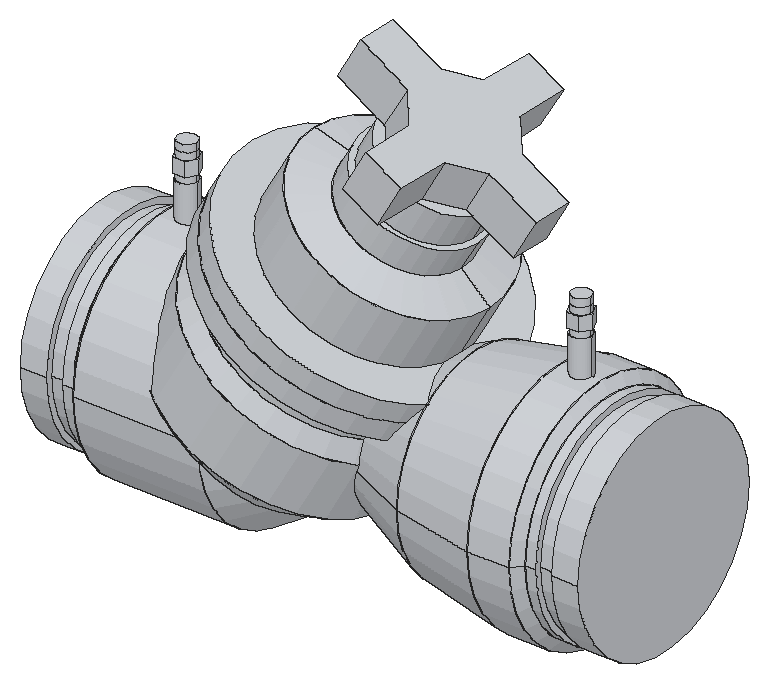
Revit family "447_d-DN300-RFA_2018", category Pipe Accessories, Revit 2018
Family settings
  Round Connector Dimension = Use Diameter
  Part Type = Valve - Breaks Into
  Work Plane-Based = No
  Always vertical = Yes
  Cut with Voids When Loaded = No
  Shared = No
Parameters (values of type "447_d-DN300")
  magiProductId = "0a2a34dba99a430aa7daf784d6b0c1"
  magiProductFamilyId = "eab8c084d85f47fc9aed3208e9defb"
  magiPartTypeId = 304
  isMeasuringValve [instance] = no
  ang2D [instance] = 0.00°
  W3 = 31.658 mm
  W2D = 100 mm
  W2 = 71.601 mm
  W1 = 30.372 mm
  VersionID = "2.0/2018.4.11.4/ZETKAMA_447_GROOVED_001"
  Use Minimum Symbol Size [instance] = yes
  URL = "www.hydronix.cz"
  Type Comments = "drážkový spoj; PN16; -10~+120°C;"
  R9 = 210.6 mm
  R8 = 89.1 mm
  R7 = 97.2 mm
  R6 = 194.4 mm
  R5 = 155 mm
  R4 = 89.1 mm
  R3 = 178.2 mm
  R2 = 153.9 mm
  R13 = 18.231 mm
  R12 = 14.268 mm
  R11 = 15.853 mm
  R1 = 162 mm
  R = 150 mm
  QmdConnectorList = "301;D;302;D"
  Productdata [instance] = ""
  Model = ""
  Manufacturer = "Hydronix"
  Maintenance Zone Under Depth [instance] = 162 mm
  Maintenance Zone Right Depth [instance] = 850 mm
  Maintenance Zone Over Depth [instance] = 535 mm
  Maintenance Zone Left Depth [instance] = 850 mm
  Maintenance Zone Front Depth [instance] = 310 mm
  Maintenance Zone Back Depth [instance] = 310 mm
  Maintenance Zone Front Visibility [instance] = no
  MC Product Code = "447 300 d (DN300; PN16 kvs1504,1)"
  MC Piping Given Pressure Drop [instance] = 0.0 Pa
  L9 = 126.825 mm
  L8__ve = -L8  # -63.413 mm
  L8 = 63.413 mm
  L6 = 190.238 mm
  L5 = 12.143 mm
  L4__ve = -L4  # -16.19 mm
  L4 = 16.19 mm
  L3__ve = -L3  # -24.286 mm
  L3 = 24.286 mm
  L2__ve = -L2  # -40.476 mm
  L2D_Min = 3048 mm
  L2D = 350 mm
  L2 = 40.476 mm
  L13 = 31.706 mm
  L12 = 30.372 mm
  L11 = 31.658 mm
  L10 = 71.601 mm
  L1 = 425 mm
  KZ = 70.833 mm
  KL = 122.687 mm
  H9 = 14.087 mm
  H8 = 91.568 mm
  H7 = 35.218 mm
  H6 = 42.262 mm
  H5 = 28.175 mm
  H4 = 105.655 mm
  H17 = 21.4 mm
  H16 = 10.7 mm
  H15 = 231.7 mm
  H14 = 70.437 mm
  H13 = 52.828 mm
  H11 = 56.349 mm
  H10 = 49.306 mm
  Description = "Ruční vyvažovací ventil s drážkovým spojem"
  D = 300 mm
  CenSd_R13_6 = R13 * cos(30.00°)  # 15.789 mm
  Clearance Zone Height Depth [instance] = 535 mm
  Clearance Zone Circular Radius [instance] = 425 mm
  Clearance Zone Visibility [instance] = no
Types (10, lengths in mm): name | magiProductId | W3 | W2 | W1 | R9 | R8 | R7 | R6 | R5 | R4 | R3 | R2 | R13 | R12 | R11 | R1 | R | Maintenance Zone Under Depth | Maintenance Zone Right Depth | Maintenance Zone Over Depth | Maintenance Zone Left Depth | Maintenance Zone Front Depth | Maintenance Zone Back Depth | MC Product Code | L9 | L8__ve | L8 | L6 | L5 | L4__ve | L4 | L3__ve | L3 | L2__ve | L2 | L13 | L12 | L11 | L10 | L1 | KZ | KL | H9 | H8 | H7 | H6 | H5 | H4 | H17 | H16 | H15 | H14 | H13 | H11 | H10 | D | CenSd_R13_6 | Clearance Zone Height Depth | Clearance Zone Circular Radius
  447_d-DN100 | "e5a6bfdd9ca54003a0551f5d760c3c" | 14.437 | 30.026 | 12.736 | 74.1 | 31.35 | 34.2 | 68.4 | 65 | 31.35 | 62.7 | 54.15 | 7.507 | 5.875 | 6.528 | 57 | 50 | 57 | 350 | 240 | 350 | 130 | 130 | "447 100 d (DN100; PN16 kvs180,5)" | 52.222 | -26.111 | 26.111 | 78.333 | 5 | -6.667 | 6.667 | -10 | 10 | -16.667 | 16.667 | 13.056 | 12.736 | 14.437 | 30.026 | 175 | 29.167 | 50.518 | 6.389 | 41.531 | 15.973 | 19.168 | 12.779 | 47.92 | 9.6 | 4.8 | 86.7 | 31.947 | 23.96 | 25.557 | 22.363 | 100 | 6.501 | 240 | 175
  447_d-DN125 | "5795ec580370482d8c46e49d975863" | 14.437 | 30.026 | 12.736 | 91.65 | 38.775 | 42.3 | 84.6 | 65 | 38.775 | 77.55 | 66.975 | 8.579 | 6.714 | 7.46 | 70.5 | 62.5 | 71 | 400 | 260 | 400 | 130 | 130 | "447 125 d (DN125; PN16 kvs280,0)" | 59.683 | -29.841 | 29.841 | 89.524 | 5.714 | -7.619 | 7.619 | -11.429 | 11.429 | -19.048 | 19.048 | 14.921 | 12.736 | 14.437 | 30.026 | 200 | 33.333 | 57.735 | 7.005 | 45.534 | 17.513 | 21.016 | 14.01 | 52.539 | 10.4 | 5.2 | 103.55 | 35.026 | 26.269 | 28.021 | 24.518 | 125 | 7.43 | 260 | 200
  447_d-DN150 | "9b6b5ad10a674c51b522359e7e2d39" | 14.437 | 30.026 | 12.736 | 109.2 | 46.2 | 50.4 | 100.8 | 65 | 46.2 | 92.4 | 79.8 | 10.295 | 8.057 | 8.952 | 84 | 75 | 84 | 480 | 285 | 480 | 130 | 130 | "447 150 d (DN150; PN16 kvs383,4)" | 71.619 | -35.81 | 35.81 | 107.429 | 6.857 | -9.143 | 9.143 | -13.714 | 13.714 | -22.857 | 22.857 | 17.905 | 12.736 | 14.437 | 30.026 | 240 | 40 | 69.282 | 7.775 | 50.537 | 19.437 | 23.325 | 15.55 | 58.312 | 11.4 | 5.7 | 120.9 | 38.875 | 29.156 | 31.1 | 27.212 | 150 | 8.916 | 285 | 240
  447_d-DN200 | "f5a67fe5c2444fc986ed7f87b9a4ed" | 31.658 | 71.601 | 30.372 | 142.35 | 60.225 | 65.7 | 131.4 | 155 | 60.225 | 120.45 | 104.025 | 12.869 | 10.071 | 11.19 | 109.5 | 100 | 110 | 600 | 480 | 600 | 310 | 310 | "447 200 d (DN200; PN16 kvs710,0)" | 89.524 | -44.762 | 44.762 | 134.286 | 8.571 | -11.429 | 11.429 | -17.143 | 17.143 | -28.571 | 28.571 | 22.381 | 30.372 | 31.658 | 71.601 | 300 | 50 | 86.603 | 12.394 | 80.56 | 30.984 | 37.181 | 24.788 | 92.953 | 19.2 | 9.6 | 168.45 | 61.969 | 46.477 | 49.575 | 43.378 | 200 | 11.145 | 480 | 300
  447_d-DN250 | "7d63ae0d28f64990bc8ce3477101ef" | 31.658 | 71.601 | 30.372 | 177.45 | 75.075 | 81.9 | 163.8 | 155 | 75.075 | 150.15 | 129.675 | 15.657 | 12.254 | 13.615 | 136.5 | 125 | 137 | 730 | 525 | 730 | 310 | 310 | "447 250 d (DN250; PN16 kvs1187,5)" | 108.921 | -54.46 | 54.46 | 163.381 | 10.429 | -13.905 | 13.905 | -20.857 | 20.857 | -34.762 | 34.762 | 27.23 | 30.372 | 31.658 | 71.601 | 365 | 60.833 | 105.366 | 13.779 | 89.566 | 34.449 | 41.338 | 27.559 | 103.346 | 21 | 10.5 | 202.65 | 68.897 | 51.673 | 55.118 | 48.228 | 250 | 13.56 | 525 | 365
  447_d-DN300 | "0a2a34dba99a430aa7daf784d6b0c1" | 31.658 | 71.601 | 30.372 | 210.6 | 89.1 | 97.2 | 194.4 | 155 | 89.1 | 178.2 | 153.9 | 18.231 | 14.268 | 15.853 | 162 | 150 | 162 | 850 | 535 | 850 | 310 | 310 | "447 300 d (DN300; PN16 kvs1504,1)" | 126.825 | -63.413 | 63.413 | 190.238 | 12.143 | -16.19 | 16.19 | -24.286 | 24.286 | -40.476 | 40.476 | 31.706 | 30.372 | 31.658 | 71.601 | 425 | 70.833 | 122.687 | 14.087 | 91.568 | 35.218 | 42.262 | 28.175 | 105.655 | 21.4 | 10.7 | 231.7 | 70.437 | 52.828 | 56.349 | 49.306 | 300 | 15.789 | 535 | 425
  447_d-DN040 | "6dc4a6b5eb924103b02307904d600f" | 9.08 | 17.092 | 7.25 | 31.2 | 13.2 | 14.4 | 28.8 | 37 | 13.2 | 26.4 | 22.8 | 4.29 | 3.357 | 3.73 | 24 | 20 | 24 | 200 | 130 | 200 | 74 | 74 | "447 040 d (DN40; PN16 kvs22,36)" | 29.841 | -14.921 | 14.921 | 44.762 | 2.857 | -3.81 | 3.81 | -5.714 | 5.714 | -9.524 | 9.524 | 7.46 | 7.25 | 9.08 | 17.092 | 100 | 16.667 | 28.868 | 3.433 | 22.317 | 8.583 | 10.3 | 6.867 | 25.75 | 5.2 | 2.6 | 39.4 | 17.167 | 12.875 | 13.733 | 12.017 | 40 | 3.715 | 130 | 100
  447_d-DN050 | "b59a3d0ad4654cda90cee0c397c848" | 9.08 | 17.092 | 7.25 | 39 | 16.5 | 18 | 36 | 37 | 16.5 | 33 | 28.5 | 4.933 | 3.861 | 4.29 | 30 | 25 | 30 | 230 | 130 | 230 | 130 | 130 | "447 050 d (DN50; PN16 kvs32,15)" | 34.317 | -17.159 | 17.159 | 51.476 | 3.286 | -4.381 | 4.381 | -6.571 | 6.571 | -10.952 | 10.952 | 8.579 | 7.25 | 9.08 | 17.092 | 115 | 19.167 | 33.198 | 3.433 | 22.317 | 8.583 | 10.3 | 6.867 | 25.75 | 5.2 | 2.6 | 46 | 17.167 | 12.875 | 13.733 | 12.017 | 50 | 4.272 | 130 | 115
  447_d-DN065 | "356db372cd37496c9ff0d3ad255dc6" | 14.437 | 30.026 | 12.736 | 49.4 | 20.9 | 22.8 | 45.6 | 65 | 20.9 | 41.8 | 36.1 | 6.22 | 4.868 | 5.409 | 38 | 32.5 | 38 | 290 | 220 | 290 | 130 | 130 | "447 065 d (DN65; PN16 kvs83,3)" | 43.27 | -21.635 | 21.635 | 64.905 | 4.143 | -5.524 | 5.524 | -8.286 | 8.286 | -13.81 | 13.81 | 10.817 | 12.736 | 14.437 | 30.026 | 145 | 24.167 | 41.858 | 5.774 | 37.528 | 14.434 | 17.321 | 11.547 | 43.301 | 8.8 | 4.4 | 63.8 | 28.868 | 21.651 | 23.094 | 20.207 | 65 | 5.387 | 220 | 145
  447_d-DN080 | "f43aa02b4841429783243073d22ea7" | 14.437 | 30.026 | 12.736 | 57.85 | 24.475 | 26.7 | 53.4 | 65 | 24.475 | 48.95 | 42.275 | 6.649 | 5.204 | 5.782 | 44.5 | 40 | 45 | 310 | 220 | 310 | 130 | 130 | "447 080 d (DN80; PN16 kvs104,3)" | 46.254 | -23.127 | 23.127 | 69.381 | 4.429 | -5.905 | 5.905 | -8.857 | 8.857 | -14.762 | 14.762 | 11.563 | 12.736 | 14.437 | 30.026 | 155 | 25.833 | 44.745 | 5.774 | 37.528 | 14.434 | 17.321 | 11.547 | 43.301 | 8.8 | 4.4 | 70.95 | 28.868 | 21.651 | 23.094 | 20.207 | 80 | 5.758 | 220 | 155
Reference planes
  plane 1 "Center (Front/Back)": y = 0
  plane 2 "XYPLANE": z = 0
  plane 3 "Center (Left/Right)": x = 0
  plane 4 "159": y = 310
  plane 5 "158": y = -310
  plane 6 "157": z = -162
  plane 7 "156": z = 535
  plane 8 "155": x = -850
  plane 9 "154": x = 850
  plane 10 "132": z = 274.5
  plane 11 "125": z = 263.8
  plane 12 "120": z = 242.4
  plane 13 "119": z = 231.7
  plane 14 "112": x = 300.198
  plane 15 "111": x = -300.198
  plane 16 "109": y = -31.658
  plane 17 "108": y = 31.658
  plane 18 "105": through (295.053, 0, 695.677) normal (0.866, 0, -0.5)
  plane 19 "104": through (242.447, 0, 726.048) normal (0.866, 0, -0.5)
  plane 20 "103": y = -71.601
  plane 21 "102": y = -30.372
  plane 22 "101": y = 71.601
  plane 23 "100": y = 30.372
  plane 24 "99": through (241.333, 0, 726.692) normal (0.866, 0, -0.5)
  plane 25 "98": through (206.742, 0, 746.663) normal (0.866, 0, -0.5)
  plane 26 "97": through (296.167, 0, 695.034) normal (0.866, 0, -0.5)
  plane 27 "96": through (330.758, 0, 675.062) normal (0.866, 0, -0.5)
  plane 28 "95": y = -155
  plane 29 "94": y = 155
  plane 30 "93": through (402.984, 0, 633.363) normal (0.866, 0, -0.5)
  plane 31 "92": through (134.516, 0, 788.363) normal (0.866, 0, -0.5)
  plane 32 "88": x = 141.667
  plane 33 "87": x = 268.492
  plane 34 "81": through (-456.016, 0, 710.157) normal (0.5, 0, 0.866)
  plane 35 "80": through (-484.191, 0, 661.357) normal (0.5, 0, 0.866)
  plane 36 "75": through (-508.844, 0, 618.657) normal (0.5, 0, 0.866)
  plane 37 "72": through (-515.888, 0, 606.457) normal (0.5, 0, 0.866)
  plane 38 "68": through (-561.671, 0, 527.157) normal (0.5, 0, 0.866)
  plane 39 "67": through (-579.281, 0, 496.657) normal (0.5, 0, 0.866)
  plane 40 "62": through (-711.349, 0, 267.907) normal (0.5, 0, 0.866)
  plane 41 "61": through (-596.89, 0, 466.157) normal (0.5, 0, 0.866)
  plane 42 "58": through (-618.021, 0, 429.557) normal (0.5, 0, 0.866)
  plane 43 "56": through (-632.108, 0, 405.157) normal (0.5, 0, 0.866)
  plane 44 "51": y = 0
  plane 45 "49": through (268.75, 0, 710.863) normal (0.866, 0, -0.5)
  plane 46 "48": through (-684.936, 0, 313.657) normal (0.5, 0, 0.866)
  plane 47 "30": x = 331.905
  plane 48 "29": x = 344.048
  plane 49 "28": x = 360.238
  plane 50 "27": x = 384.524
  plane 51 "14": x = -141.667
  plane 52 "13": x = -331.905
  plane 53 "12": x = -344.048
  plane 54 "11": x = -360.238
  plane 55 "10": x = -384.524
  plane 56 "8": x = -425
  plane 57 "7": x = 425
  plane 58 "6": y = 0
  plane 59 "5": x = 0
  plane 60 "4": z = 0
  plane 61 "45XY": through (-649.519, 0, 375) normal (0.5, 0, 0.866)
  plane 62 "45XZ": y = 0
  plane 63 "45YZ": through (375, 0, 649.519) normal (0.866, 0, -0.5)
Forms (mm)
  Blend 1, solid, visible <- "Maintenance Zone Front Visibility"
    base sketch origin (-750, 0, -162) x (1, 0, 0) y (0, 1, 0)
      loop
        line (-100, 310) -> (-100, -310) -> (1600, -310) -> (1600, 310) -> (-100, 310)
    top sketch origin (-750, 0, -162) x (1, 0, 0) y (0, 1, 0)
      loop
        line (-100, 310) -> (-100, -310) -> (1600, -310) -> (1600, 310) -> (-100, 310)
    from 0 to 697
  Extrusion 2, solid, visible <- "Clearance Zone Visibility"
    sketch origin (-750, 0, 0) x (1, 0, 0) y (0, 1, 0)
      loop
        circle (750, 0) r 425
    from 0 to 535 <- "Clearance Zone Height Depth"
  Extrusion 3, solid
    sketch origin (-750, 0, 274.5) x (1, 0, 0) y (0, 1, 0)
      loop
        circle (1050.198, 0) r 14.268
    from 0 to 10.7 <- "H16"
  Extrusion 4, solid
    sketch origin (-750, 0, 263.8) x (1, 0, 0) y (0, 1, 0)
      loop
        circle (1050.198, 0) r 14.268
    from 0 to 10.7 <- "H16"
  Extrusion 5, solid
    sketch origin (-750, 0, 274.5) x (1, 0, 0) y (0, 1, 0)
      loop
        circle (449.802, 0) r 14.268
    from 0 to 10.7 <- "H16"
  Extrusion 6, solid
    sketch origin (-750, 0, 263.8) x (1, 0, 0) y (0, 1, 0)
      loop
        circle (449.802, 0) r 14.268
    from 0 to 10.7 <- "H16"
  Extrusion 7, solid
    sketch origin (-750, 0, 242.4) x (1, 0, 0) y (0, 1, 0)
      loop
        line (1068.43, 0) -> (1059.314, 15.789) -> (1041.083, 15.789) -> (1031.967, 0) -> (1041.083, -15.789) -> (1059.314, -15.789) -> (1068.43, 0)
    from 0 to 21.4 <- "H17"
  Extrusion 8, solid
    sketch origin (-750, 0, 242.4) x (1, 0, 0) y (0, 1, 0)
      loop
        line (468.033, 0) -> (458.917, 15.789) -> (440.686, 15.789) -> (431.57, 0) -> (440.686, -15.789) -> (458.917, -15.789) -> (468.033, 0)
    from 0 to 21.4 <- "H17"
  Extrusion 9, solid
    sketch origin (-750, 0, 231.7) x (1, 0, 0) y (0, 1, 0)
      loop
        circle (1050.198, 0) r 14.268
    from 0 to 10.7 <- "H16"
  Extrusion 10, solid
    sketch origin (-750, 0, 231.7) x (1, 0, 0) y (0, 1, 0)
      loop
        circle (449.802, 0) r 14.268
    from 0 to 10.7 <- "H16"
  Extrusion 11, solid
    sketch origin (-750, 0, 0) x (1, 0, 0) y (0, 1, 0)
      loop
        circle (1050.198, 0) r 15.853
    from 0 to 231.7 <- "H15"
  Extrusion 12, solid
    sketch origin (-750, 0, 0) x (1, 0, 0) y (0, 1, 0)
      loop
        circle (449.802, 0) r 15.853
    from 0 to 231.7 <- "H15"
  Extrusion 13, solid
    sketch origin (-456.016, 0, 710.157) x (0.866025, 0, -0.5) y (0, 1, 0)
      loop
        line (472.313, 30.372) -> (472.313, -30.372) -> (555.712, -31.658) -> (595.655, -71.601) -> (596.941, -155) -> (657.685, -155) -> (658.971, -71.601) -> (698.914, -31.658) -> (782.313, -30.372) -> (782.313, 30.372) -> (698.914, 31.658) -> (658.971, 71.601) -> (657.685, 155) -> (596.941, 155) -> (595.655, 71.601) -> (555.712, 31.658) -> (472.313, 30.372)
    from 0 to 70.437 <- "H14"
  Blend 14, solid
    base sketch origin (268.492, -750, 0) x (0, 1, 0) y (0, 0, 1)
      loop
        circle (750, 0) r 178.2
    top sketch origin (268.492, -750, 0) x (0, 1, 0) y (0, 0, 1)
      loop
        circle (750, 0) r 153.9
    from 0 to -126.825
  Extrusion 15, solid
    sketch origin (-579.281, 0, 496.657) x (0.866025, 0, -0.5) y (0, 1, 0)
      loop
        circle (627.313, 0) r 210.6
    from 0 to 35.218 <- "H7"
  Extrusion 16, solid
    sketch origin (-596.89, 0, 466.157) x (0.866025, 0, -0.5) y (0, 1, 0)
      loop
        circle (627.313, 0) r 210.6
    from 0 to 35.218 <- "H7"
  Extrusion 17, solid
    sketch origin (-484.191, 0, 661.357) x (0.866025, 0, -0.5) y (0, 1, 0)
      loop
        circle (627.313, 0) r 89.1
    from 0 to 56.349 <- "H11"
  Blend 18, solid
    base sketch origin (-515.888, 0, 606.457) x (0.866025, 0, -0.5) y (0, 1, 0)
      loop
        circle (627.313, 0) r 153.9
    top sketch origin (-515.888, 0, 606.457) x (0.866025, 0, -0.5) y (0, 1, 0)
      loop
        circle (627.313, 0) r 97.2
    from 0 to 14.087
  Extrusion 19, solid
    sketch origin (-561.671, 0, 527.157) x (0.866025, 0, -0.5) y (0, 1, 0)
      loop
        circle (627.313, 0) r 153.9
    from 0 to 91.568 <- "H8"
  Extrusion 20, solid
    sketch origin (-508.844, 0, 618.657) x (0.866025, 0, -0.5) y (0, 1, 0)
      loop
        circle (627.313, 0) r 97.2
    from 0 to 49.306 <- "H10"
  Blend 21, solid
    base sketch origin (-684.936, 0, 313.657) x (0.866025, 0, -0.5) y (0, 1, 0)
      loop
        circle (627.313, 0) r 194.4
    top sketch origin (-684.936, 0, 313.657) x (0.866025, 0, -0.5) y (0, 1, 0)
      loop
        circle (627.313, 0) r 150
    from 0 to -52.828
  Extrusion 22, solid
    sketch origin (-618.021, 0, 429.557) x (0.866025, 0, -0.5) y (0, 1, 0)
      loop
        circle (627.313, 0) r 178.2
    from 0 to 42.262 <- "H6"
  Blend 23, solid
    base sketch origin (-632.108, 0, 405.157) x (0.866025, 0, -0.5) y (0, 1, 0)
      loop
        circle (627.313, 0) r 194.4
    top sketch origin (-632.108, 0, 405.157) x (0.866025, 0, -0.5) y (0, 1, 0)
      loop
        circle (627.313, 0) r 178.2
    from 0 to 28.175
  Extrusion 24, solid
    sketch origin (-684.936, 0, 313.657) x (0.866025, 0, -0.5) y (0, 1, 0)
      loop
        circle (627.313, 0) r 194.4
    from 0 to 105.655 <- "H4"
  Extrusion 25, solid
    sketch origin (425, -750, 0) x (0, 1, 0) y (0, 0, 1)
      loop
        circle (750, 0) r 162
    from 0 to -40.476 <- "L2__ve"
  Extrusion 26, solid
    sketch origin (384.524, -750, 0) x (0, 1, 0) y (0, 0, 1)
      loop
        circle (750, 0) r 153.9
    from 0 to -24.286 <- "L3__ve"
  Extrusion 27, solid
    sketch origin (360.238, -750, 0) x (0, 1, 0) y (0, 0, 1)
      loop
        circle (750, 0) r 162
    from 0 to -16.19 <- "L4__ve"
  Blend 28, solid
    base sketch origin (344.048, -750, 0) x (0, 1, 0) y (0, 0, 1)
      loop
        circle (750, 0) r 162
    top sketch origin (344.048, -750, 0) x (0, 1, 0) y (0, 0, 1)
      loop
        circle (750, 0) r 178.2
    from 0 to -12.143
  Extrusion 29, solid
    sketch origin (331.905, -750, 0) x (0, 1, 0) y (0, 0, 1)
      loop
        circle (750, 0) r 178.2
    from 0 to -63.413 <- "L8__ve"
  Blend 30, solid
    base sketch origin (141.667, -750, 0) x (0, 1, 0) y (0, 0, 1)
      loop
        circle (750, 0) r 153.9
    top sketch origin (141.667, -750, 0) x (0, 1, 0) y (0, 0, 1)
      loop
        circle (750, 0) r 89.1
    from 0 to -141.667
  Blend 31, solid
    base sketch origin (-141.667, -750, 0) x (0, 1, 0) y (0, 0, 1)
      loop
        circle (750, 0) r 178.2
    top sketch origin (-141.667, -750, 0) x (0, 1, 0) y (0, 0, 1)
      loop
        circle (750, 0) r 89.1
    from 0 to 141.667
  Extrusion 32, solid
    sketch origin (-331.905, -750, 0) x (0, 1, 0) y (0, 0, 1)
      loop
        circle (750, 0) r 178.2
    from 0 to 190.238 <- "L6"
  Blend 33, solid
    base sketch origin (-344.048, -750, 0) x (0, 1, 0) y (0, 0, 1)
      loop
        circle (750, 0) r 162
    top sketch origin (-344.048, -750, 0) x (0, 1, 0) y (0, 0, 1)
      loop
        circle (750, 0) r 178.2
    from 0 to 12.143
  Extrusion 34, solid
    sketch origin (-360.238, -750, 0) x (0, 1, 0) y (0, 0, 1)
      loop
        circle (750, 0) r 162
    from 0 to 16.19 <- "L4"
  Extrusion 35, solid
    sketch origin (-384.524, -750, 0) x (0, 1, 0) y (0, 0, 1)
      loop
        circle (750, 0) r 153.9
    from 0 to 24.286 <- "L3"
  Extrusion 36, solid
    sketch origin (-425, -750, 0) x (0, 1, 0) y (0, 0, 1)
      loop
        circle (750, 0) r 162
    from 0 to 40.476 <- "L2"
  Extrusion 37, solid, not visible
    sketch origin (-425, -750, 0) x (0, 1, 0) y (0, 0, 1)
      loop
        circle (750, 0) r 27.635
    from 0 to 10
  Extrusion 38, solid, not visible
    sketch origin (425, -750, 0) x (0, 1, 0) y (0, 0, 1)
      loop
        circle (750, 0) r 27.635
    from 0 to -10
Lines and regions (mm)
  reference lines, not visible
    curve 1: circle (2, 2, 0) r 1 normal (0, 0, 1)
  reference lines
    curve 2: line (300.198, 0, 242.4) -> (298.322, 3.251, 242.4)
    curve 3: line (300.198, 0, 242.4) -> (296.445, 0, 242.4)
    curve 4: line (300.198, 0, 242.4) -> (298.322, -3.251, 242.4)
    curve 5: line (-300.198, 0, 242.4) -> (-302.075, 3.251, 242.4)
    curve 6: line (-300.198, 0, 242.4) -> (-303.952, 0, 242.4)
    curve 7: line (-300.198, 0, 242.4) -> (-302.075, -3.251, 242.4)
Dimensions and locks
  plane 1 "Center (Front/Back)" to curve 1 = 2 mm
  "Maintenance Zone Back Depth": plane 1 "Center (Front/Back)" to plane 4 "159"
  "Maintenance Zone Front Depth": plane 1 "Center (Front/Back)" to plane 5 "158"
  "Maintenance Zone Under Depth": plane 2 "XYPLANE" to plane 6 "157"
  "Maintenance Zone Over Depth": plane 2 "XYPLANE" to plane 7 "156"
  "Maintenance Zone Left Depth": plane 3 "Center (Left/Right)" to plane 8 "155"
  "Maintenance Zone Right Depth": plane 3 "Center (Left/Right)" to plane 9 "154"
  "H16": plane 11 "125" to plane 10 "132"
  "H17": plane 12 "120" to plane 11 "125"
  "H16": plane 13 "119" to plane 12 "120"
  "H15": plane 2 "XYPLANE" to plane 13 "119"
  "L13": plane 47 "30" to plane 14 "112"
  "L13": plane 52 "13" to plane 15 "111"
  "W3": plane 44 "51" to plane 16 "109"
  "W3": plane 44 "51" to plane 17 "108"
  "L12": plane 45 "49" to plane 18 "105"
  "L12": plane 45 "49" to plane 19 "104"
  "W2": plane 58 "6" to plane 20 "103"
  "W1": plane 58 "6" to plane 21 "102"
  "W2": plane 58 "6" to plane 22 "101"
  "W1": plane 58 "6" to plane 23 "100"
  "L11": plane 45 "49" to plane 24 "99"
  "L10": plane 45 "49" to plane 25 "98"
  "L11": plane 45 "49" to plane 26 "97"
  "L10": plane 45 "49" to plane 27 "96"
  "R5": plane 58 "6" to plane 28 "95"
  "R5": plane 58 "6" to plane 29 "94"
  "R5": plane 45 "49" to plane 30 "93"
  "R5": plane 45 "49" to plane 31 "92"
  "L9": plane 33 "87" to plane 32 "88"
  "L8": plane 47 "30" to plane 33 "87"
  "H11": plane 35 "80" to plane 34 "81"
  "H10": plane 36 "75" to plane 35 "80"
  "H9": plane 37 "72" to plane 36 "75"
  "H8": plane 38 "68" to plane 37 "72"
  "H7": plane 39 "67" to plane 38 "68"
  "H7": plane 41 "61" to plane 39 "67"
  "H13": plane 46 "48" to plane 40 "62"
  "H6": plane 42 "58" to plane 41 "61"
  "H5": plane 43 "56" to plane 42 "58"
  "H4": plane 46 "48" to plane 43 "56"
  locked: plane 58 "6" to plane 44 "51"
  "KL": plane 63 "45YZ" to plane 45 "49"
  "KZ": plane 61 "45XY" to plane 46 "48"
  "L5": plane 48 "29" to plane 47 "30"
  "L4": plane 49 "28" to plane 48 "29"
  "L3": plane 50 "27" to plane 49 "28"
  "L2": plane 57 "7" to plane 50 "27"
  "L6": plane 52 "13" to plane 51 "14"
  "L5": plane 53 "12" to plane 52 "13"
  "L4": plane 54 "11" to plane 53 "12"
  "L3": plane 55 "10" to plane 54 "11"
  "L2": plane 56 "8" to plane 55 "10"
  "L1": plane 3 "Center (Left/Right)" to plane 56 "8"
  "L1": plane 3 "Center (Left/Right)" to plane 57 "7"
  locked: plane 1 "Center (Front/Back)" to plane 58 "6"
  locked: plane 3 "Center (Left/Right)" to plane 59 "5"
  locked: plane 2 "XYPLANE" to plane 60 "4"
  Blend 1 sketch curve to Blend 1 sketch curve = 0 mm  (x16)
  "CenSd_R13_6": curve 2 to Extrusion 7 sketch curve  (x2)
  "CenSd_R13_6": curve 3 to Extrusion 7 sketch curve  (x2)
  "CenSd_R13_6": curve 4 to Extrusion 7 sketch curve  (x2)
  Extrusion 7 sketch curve to Extrusion 7 sketch curve = 0 mm  (x12)
  "CenSd_R13_6": curve 5 to Extrusion 8 sketch curve  (x2)
  "CenSd_R13_6": curve 6 to Extrusion 8 sketch curve  (x2)
  "CenSd_R13_6": curve 7 to Extrusion 8 sketch curve  (x2)
  Extrusion 8 sketch curve to Extrusion 8 sketch curve = 0 mm  (x12)
  Extrusion 13 sketch curve to Extrusion 13 sketch curve = 0 mm  (x32)
  "Clearance Zone Circular Radius": radius of Extrusion 2 sketch curve
  "R12": radius of Extrusion 3 sketch curve
  "R12": radius of Extrusion 4 sketch curve
  "R12": radius of Extrusion 5 sketch curve
  "R12": radius of Extrusion 6 sketch curve
  "R12": radius of Extrusion 9 sketch curve
  "R12": radius of Extrusion 10 sketch curve
  "R11": radius of Extrusion 11 sketch curve
  "R11": radius of Extrusion 12 sketch curve
  "R2": radius of Blend 14 sketch curve
  "R3": radius of Blend 14 sketch curve
  "R9": radius of Extrusion 15 sketch curve
  "R9": radius of Extrusion 16 sketch curve
  "R8": radius of Extrusion 17 sketch curve
  "R7": radius of Blend 18 sketch curve
  "R2": radius of Blend 18 sketch curve
  "R2": radius of Extrusion 19 sketch curve
  "R7": radius of Extrusion 20 sketch curve
  "R": radius of Blend 21 sketch curve
  "R6": radius of Blend 21 sketch curve
  "R3": radius of Extrusion 22 sketch curve
  "R3": radius of Blend 23 sketch curve
  "R6": radius of Blend 23 sketch curve
  "R6": radius of Extrusion 24 sketch curve
  "R1": radius of Extrusion 25 sketch curve
  "R2": radius of Extrusion 26 sketch curve
  "R1": radius of Extrusion 27 sketch curve
  "R3": radius of Blend 28 sketch curve
  "R1": radius of Blend 28 sketch curve
  "R3": radius of Extrusion 29 sketch curve
  "R4": radius of Blend 30 sketch curve
  "R2": radius of Blend 30 sketch curve
  "R4": radius of Blend 31 sketch curve
  "R3": radius of Blend 31 sketch curve
  "R3": radius of Extrusion 32 sketch curve
  "R3": radius of Blend 33 sketch curve
  "R1": radius of Blend 33 sketch curve
  "R1": radius of Extrusion 34 sketch curve
  "R2": radius of Extrusion 35 sketch curve
  "R1": radius of Extrusion 36 sketch curve
  locked: curve 3 to curve 2 (angle 60.00°)
  locked: curve 4 to curve 3 (angle 60.00°)
  locked: curve 4 to curve 2 (angle 120.00°)
  locked: curve 6 to curve 5 (angle 60.00°)
  locked: curve 7 to curve 6 (angle 60.00°)
  locked: curve 7 to curve 5 (angle 120.00°)
  aligned and locked: level to plane 2 "XYPLANE"
  aligned and locked: Blend 1 sketch curve to plane 8 "155"  (x2)
  aligned and locked: plane 4 "159" to Blend 1 sketch curve  (x2)
  aligned and locked: plane 5 "158" to Blend 1 sketch curve  (x2)
  aligned and locked: plane 8 "155" to Blend 1 sketch curve  (x2)
  aligned and locked: plane 9 "154" to Blend 1 sketch curve  (x4)
  aligned and locked: Blend 1 sketch curve to plane 5 "158"  (x2)
  aligned and locked: Blend 1 sketch curve to plane 4 "159"  (x2)
  aligned and locked: Blend 1 to plane 7 "156"
  aligned and locked: plane 58 "6" to Extrusion 2 sketch curve
  aligned and locked: plane 59 "5" to Extrusion 2 sketch curve
  aligned and locked: plane 14 "112" to Extrusion 3 sketch curve
  aligned and locked: plane 58 "6" to Extrusion 3 sketch curve
  aligned and locked: plane 14 "112" to Extrusion 4 sketch curve
  aligned and locked: plane 58 "6" to Extrusion 4 sketch curve
  aligned and locked: plane 15 "111" to Extrusion 5 sketch curve
  aligned and locked: plane 58 "6" to Extrusion 5 sketch curve
  aligned and locked: plane 15 "111" to Extrusion 6 sketch curve
  aligned and locked: plane 58 "6" to Extrusion 6 sketch curve
  aligned and locked: plane 14 "112" to curve 4
  aligned and locked: plane 58 "6" to curve 4
  aligned and locked: plane 15 "111" to curve 6
  aligned and locked: plane 58 "6" to curve 6
  aligned and locked: plane 14 "112" to Extrusion 9 sketch curve
  aligned and locked: plane 58 "6" to Extrusion 9 sketch curve
  aligned and locked: plane 15 "111" to Extrusion 10 sketch curve
  aligned and locked: plane 58 "6" to Extrusion 10 sketch curve
  aligned and locked: plane 14 "112" to Extrusion 11 sketch curve
  aligned and locked: plane 58 "6" to Extrusion 11 sketch curve
  aligned and locked: plane 15 "111" to Extrusion 12 sketch curve
  aligned and locked: plane 58 "6" to Extrusion 12 sketch curve
  aligned and locked: Extrusion 13 sketch curve to plane 31 "92"  (x2)
  aligned and locked: plane 23 "100" to Extrusion 13 sketch curve  (x2)
  aligned and locked: plane 21 "102" to Extrusion 13 sketch curve  (x2)
  aligned and locked: plane 16 "109" to Extrusion 13 sketch curve  (x2)
  aligned and locked: Extrusion 13 sketch curve to plane 25 "98"
  aligned and locked: plane 20 "103" to Extrusion 13 sketch curve  (x2)
  aligned and locked: Extrusion 13 sketch curve to plane 24 "99"
  aligned and locked: plane 28 "95" to Extrusion 13 sketch curve  (x2)
  aligned and locked: Extrusion 13 sketch curve to plane 19 "104"
  aligned and locked: Extrusion 13 sketch curve to plane 18 "105"
  aligned and locked: Extrusion 13 sketch curve to plane 26 "97"
  aligned and locked: Extrusion 13 sketch curve to plane 27 "96"
  aligned and locked: Extrusion 13 sketch curve to plane 30 "93"
  aligned and locked: plane 30 "93" to Extrusion 13 sketch curve
  aligned and locked: plane 17 "108" to Extrusion 13 sketch curve  (x2)
  aligned and locked: plane 27 "96" to Extrusion 13 sketch curve
  aligned and locked: plane 22 "101" to Extrusion 13 sketch curve  (x2)
  aligned and locked: plane 26 "97" to Extrusion 13 sketch curve
  aligned and locked: plane 18 "105" to Extrusion 13 sketch curve
  aligned and locked: plane 29 "94" to Extrusion 13 sketch curve  (x2)
  aligned and locked: plane 19 "104" to Extrusion 13 sketch curve
  aligned and locked: plane 24 "99" to Extrusion 13 sketch curve
  aligned and locked: plane 25 "98" to Extrusion 13 sketch curve
  aligned and locked: Blend 14 sketch curve to plane 58 "6"  (x2)
  aligned and locked: plane 60 "4" to Blend 14 sketch curve  (x2)
  aligned and locked: Blend 14 to plane 32 "88"
  aligned and locked: plane 44 "51" to Extrusion 15 sketch curve
  aligned and locked: Extrusion 15 sketch curve to plane 45 "49"
  aligned and locked: plane 44 "51" to Extrusion 16 sketch curve
  aligned and locked: Extrusion 16 sketch curve to plane 45 "49"
  aligned and locked: plane 44 "51" to Extrusion 17 sketch curve
  aligned and locked: Extrusion 17 sketch curve to plane 45 "49"
  aligned and locked: plane 44 "51" to Blend 18 sketch curve  (x2)
  aligned and locked: Blend 18 sketch curve to plane 45 "49"  (x2)
  aligned and locked: plane 36 "75" to Blend 18
  aligned and locked: plane 44 "51" to Extrusion 19 sketch curve
  aligned and locked: Extrusion 19 sketch curve to plane 45 "49"
  aligned and locked: plane 44 "51" to Extrusion 20 sketch curve
  aligned and locked: Extrusion 20 sketch curve to plane 45 "49"
  aligned and locked: plane 44 "51" to Blend 21 sketch curve  (x2)
  aligned and locked: Blend 21 sketch curve to plane 45 "49"  (x2)
  aligned and locked: Blend 21 to plane 40 "62"
  aligned and locked: plane 44 "51" to Extrusion 22 sketch curve
  aligned and locked: Extrusion 22 sketch curve to plane 45 "49"
  aligned and locked: plane 44 "51" to Blend 23 sketch curve  (x2)
  aligned and locked: Blend 23 sketch curve to plane 45 "49"  (x2)
  aligned and locked: plane 42 "58" to Blend 23
  aligned and locked: plane 44 "51" to Extrusion 24 sketch curve
  aligned and locked: Extrusion 24 sketch curve to plane 45 "49"
  aligned and locked: Extrusion 25 sketch curve to plane 58 "6"
  aligned and locked: plane 60 "4" to Extrusion 25 sketch curve
  aligned and locked: Extrusion 26 sketch curve to plane 58 "6"
  aligned and locked: plane 60 "4" to Extrusion 26 sketch curve
  aligned and locked: Extrusion 27 sketch curve to plane 58 "6"
  aligned and locked: plane 60 "4" to Extrusion 27 sketch curve
  aligned and locked: Blend 28 sketch curve to plane 58 "6"  (x2)
  aligned and locked: plane 60 "4" to Blend 28 sketch curve  (x2)
  aligned and locked: Blend 28 to plane 47 "30"
  aligned and locked: Extrusion 29 sketch curve to plane 58 "6"
  aligned and locked: plane 60 "4" to Extrusion 29 sketch curve
  aligned and locked: Blend 30 sketch curve to plane 58 "6"  (x2)
  aligned and locked: plane 60 "4" to Blend 30 sketch curve  (x2)
  aligned and locked: Blend 30 to plane 59 "5"
  aligned and locked: Blend 31 sketch curve to plane 58 "6"  (x2)
  aligned and locked: plane 60 "4" to Blend 31 sketch curve  (x2)
  aligned and locked: plane 59 "5" to Blend 31
  aligned and locked: Extrusion 32 sketch curve to plane 58 "6"
  aligned and locked: plane 60 "4" to Extrusion 32 sketch curve
  aligned and locked: Blend 33 sketch curve to plane 58 "6"  (x2)
  aligned and locked: plane 60 "4" to Blend 33 sketch curve  (x2)
  aligned and locked: plane 52 "13" to Blend 33
  aligned and locked: Extrusion 34 sketch curve to plane 58 "6"
  aligned and locked: plane 60 "4" to Extrusion 34 sketch curve
  aligned and locked: Extrusion 35 sketch curve to plane 58 "6"
  aligned and locked: plane 60 "4" to Extrusion 35 sketch curve
  aligned and locked: Extrusion 36 sketch curve to plane 58 "6"
  aligned and locked: plane 60 "4" to Extrusion 36 sketch curve
  aligned and locked: Extrusion 37 sketch curve to plane 58 "6"
  aligned and locked: plane 60 "4" to Extrusion 37 sketch curve
  aligned and locked: Extrusion 38 sketch curve to plane 58 "6"
  aligned and locked: plane 60 "4" to Extrusion 38 sketch curve
Automatic sketch dimensions
  plane 21 "102" to Extrusion 37 sketch curve = 2.736 mm
  plane 21 "102" to Extrusion 38 sketch curve = 2.736 mm
  plane 3 "Center (Left/Right)" to curve 1 = 2 mm
  radius of curve 1 = 1 mm
Connectors
  piping at (-425, 0, 0), diameter 300, driven by "D"
    settings: on Extrusion 37, index 1, connector inside diameter 609.6 mm, connector length 0 mm, flow factor 0, pipe flow 0.0 L/s, pressure drop 0.0 Pa, fitting loss kfactor 0, connector angle 0.00°, fixture units 0, engagement length 0 mm, angle of deflection 0.00°, flow configuration 0, flow direction 0, fitting loss method 0, system type 29, joint type 0, gender type 0, connector reference index 2, connector utility 0, adjustable connector no, is connector primary yes, connector description ""
  piping at (425, 0, 0), diameter 300, driven by "D"
    settings: on Extrusion 38, index 2, connector inside diameter 609.6 mm, connector length 0 mm, flow factor 0, pipe flow 0.0 L/s, pressure drop 0.0 Pa, fitting loss kfactor 0, connector angle 0.00°, fixture units 0, engagement length 0 mm, angle of deflection 0.00°, flow configuration 0, flow direction 0, fitting loss method 0, system type 29, joint type 0, gender type 0, connector reference index 1, connector utility 0, adjustable connector no, is connector primary no, connector description ""
